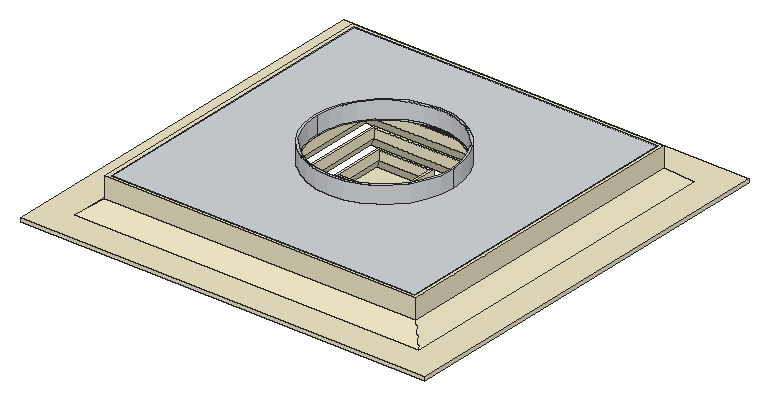
Revit family "Square Diffuser-Round Neck-Supply", category Air Terminals, Revit 2013
Parameters (values of type "600x600-Square Diffuser-Round Neck-Supply")
  UpFlowArrow [instance] = yes
  Title 1 = ""
  Spigot Radius [instance] = Spigot Diameter / 2  # 100 mm
  Spigot Outside Radius [instance] = Spigot Radius + 3.0 mm  # 103 mm
  Spigot Diameter [instance] = if(Air Flow < 31.0 L/s, 100.0 mm, if(Air Flow < 71.0 L/s, 150.0 mm, if(Air Flow < 121.0 L/s, 200.0 mm, if(Air Flow < 201.0 L/s, 250.0 mm, 300.0 mm))))  # 200 mm
  Pressure Drop [instance] = 14.0 Pa
  RightFlowArrow [instance] = yes
  Max Flow = 125.0 L/s
  LeftFlowArrow [instance] = yes
  Flow [instance] = 100.0 L/s
  Diffuser Service [instance] = "SD"
  Diffuser Neck Length = 450 mm
  Diffuser Neck Width = 450 mm
  DownFlowArrow [instance] = yes
  Diffuser Total Length = Diffuser Neck Length + 150.0 mm  # 600.0 mm
  Diffuser Total Width = Diffuser Neck Width + 150.0 mm  # 600.0 mm
  Description = ""
  Assembly Code = ""
  Air Flow [instance] = Flow  # 100.0 L/s
Types (5, lengths in mm): name | Spigot Radius | Spigot Outside Radius | Spigot Diameter | Max Flow | Flow | Diffuser Neck Length | Diffuser Neck Width | Diffuser Total Length | Diffuser Total Width | Air Flow
  600x600-Square Diffuser-Round Neck-Supply | 100 | 103 | 200 | 125.0 L/s | 100.0 L/s | 450 | 450 | 600.0 | 600.0 | 100.0 L/s
  525x525-Square Diffuser-Round Neck-Supply | 75 | 78 | 150 | 70.0 L/s | 70.0 L/s | 375 | 375 | 525.0 | 525.0 | 70.0 L/s
  450x450-Square Diffuser-Round Neck-Supply | 75 | 78 | 150 | 70.0 L/s | 70.0 L/s | 300 | 300 | 450.0 | 450.0 | 70.0 L/s
  300x300-Square Diffuser-Round Neck-Supply | 75 | 78 | 150 | 30.0 L/s | 65.0 L/s | 225 | 225 | 375.0 | 375.0 | 65.0 L/s
  375x375-Square Diffuser-Round Neck-Supply | 100 | 103 | 200 | 120.0 L/s | 120.0 L/s | 225 | 225 | 375.0 | 375.0 | 120.0 L/s
Reference planes
  plane 1 "Center (Front/Back)": y = 0
  plane 2: z = 0
  plane 3 "Center (Left/Right)": x = 0
  plane 4: x = -225
  plane 5: x = 225
  plane 6: x = -230
  plane 7: x = 230
  plane 8: y = 225
  plane 9: y = -225
  plane 10: y = 230
  plane 11: y = -230
  plane 12: z = -5
  plane 13: x = -255
  plane 14: x = -300
  plane 15: x = 255
  plane 16: x = 300
  plane 17: z = 20
  plane 18: z = 50
  plane 19: y = 350
  plane 20: x = 350
  plane 21: y = -350
  plane 22: x = -350
Forms (mm)
  Sweep 1, solid, material "Grille"
    path origin (0, 0, 0) x (1, 0, 0) y (0, 1, 0)
      loop
        line (-230, -230) -> (230, -230) -> (230, 230) -> (-230, 230) -> (-230, -230)
    profile origin (-230, 0, 0) x (-1, 0, 0) y (0, 0, 1)
      loop
        line (70, -5) -> (70, 0) -> (25, 0) -> (0, 20) -> (0, 50) -> (-5, 50) -> (-5, 17.597) -> (23.246, -5) -> (70, -5)
  Sweep 2, solid, material "Grille"
    path origin (0, 0, 0) x (1, 0, 0) y (0, 1, 0)
      loop
        line (-212.5, -212.5) -> (212.5, -212.5) -> (212.5, 212.5) -> (-212.5, 212.5) -> (-212.5, -212.5)
    profile "Sq Diff Fins : Sq Diff Fins" origin (-212.5, 0, 0) x (-1, 0, 0) y (0, 0, 1)
      loop
        line (0, -5) -> (-22, 20) -> (-22, 35) -> (-25, 35) -> (-25, 20) -> (-3.5, -5) -> (0, -5)
  Sweep 3, solid, material "Grille"
    path origin (0, 0, 0) x (1, 0, 0) y (0, 1, 0)
      loop
        line (-175, -175) -> (175, -175) -> (175, 175) -> (-175, 175) -> (-175, -175)
    profile "Sq Diff Fins : Sq Diff Fins" origin (-175, 0, 0) x (-1, 0, 0) y (0, 0, 1)
      loop
        line (0, -5) -> (-22, 20) -> (-22, 35) -> (-25, 35) -> (-25, 20) -> (-3.5, -5) -> (0, -5)
  Sweep 4, solid, material "Grille"
    path origin (0, 0, 0) x (1, 0, 0) y (0, 1, 0)
      loop
        line (-137.5, -137.5) -> (137.5, -137.5) -> (137.5, 137.5) -> (-137.5, 137.5) -> (-137.5, -137.5)
    profile "Sq Diff Fins : Sq Diff Fins" origin (-137.5, 0, 0) x (-1, 0, 0) y (0, 0, 1)
      loop
        line (0, -5) -> (-22, 20) -> (-22, 35) -> (-25, 35) -> (-25, 20) -> (-3.5, -5) -> (0, -5)
  Sweep 5, solid, material "Grille"
    path origin (0, 0, 0) x (1, 0, 0) y (0, 1, 0)
      loop
        line (-100, -100) -> (100, -100) -> (100, 100) -> (-100, 100) -> (-100, -100)
    profile "Sq Diff Fins : Sq Diff Fins" origin (-100, 0, 0) x (-1, 0, 0) y (0, 0, 1)
      loop
        line (0, -5) -> (-22, 20) -> (-22, 35) -> (-25, 35) -> (-25, 20) -> (-3.5, -5) -> (0, -5)
  Sweep 6, solid, material "Grille"
    path origin (0, 0, 0) x (1, 0, 0) y (0, 1, 0)
      loop
        line (-62.5, -62.5) -> (62.5, -62.5) -> (62.5, 62.5) -> (-62.5, 62.5) -> (-62.5, -62.5)
    profile "Sq Diff Fins : Sq Diff Fins" origin (-62.5, 0, 0) x (-1, 0, 0) y (0, 0, 1)
      loop
        line (0, -5) -> (-22, 20) -> (-22, 35) -> (-25, 35) -> (-25, 20) -> (-3.5, -5) -> (0, -5)
  Extrusion 7, solid, material "Grille"
    sketch origin (0, 0, 0) x (1, 0, 0) y (0, 1, 0)
      loop
        line (-62.5, -62.5) -> (62.5, -62.5) -> (62.5, 62.5) -> (-62.5, 62.5) -> (-62.5, -62.5)
    from -5 to -4
  Extrusion 8, solid
    sketch origin (0, 0, 0) x (1, 0, 0) y (0, 1, 0)
      loop
        line (-225, -225) -> (225, -225) -> (225, 225) -> (-225, 225) -> (-225, -225)
    from 50 to 48
  Extrusion 9, solid
    sketch origin (0, 0, 0) x (1, 0, 0) y (0, 1, 0)
      loop
        circle (0, 0) r 100
      loop
        circle (0, 0) r 103
    from 50 to 75
  Extrusion 10, void
    sketch origin (0, 0, 0) x (1, 0, 0) y (0, 1, 0)
      loop
        circle (0, 0) r 100
    from 50 to 47
Cuts and joins
  Extrusion 10 cuts Extrusion 8
Lines and regions (mm)
  symbolic lines
    curve 1: line (-300, 300, 0) -> (300, 300, 0)
    curve 2: line (-300, -300, 0) -> (-300, 300, 0)
    curve 3: line (300, -300, 0) -> (-300, -300, 0)
    curve 4: line (300, 300, 0) -> (300, -300, 0)
    curve 5: line (300, 300, 0) -> (-300, -300, 0)
    curve 6: line (-300, 300, 0) -> (300, -300, 0)
Dimensions and locks
  equal spacing: plane 5, plane 3 "Center (Left/Right)", plane 4
  "Diffuser Neck Length": plane 5 to plane 4
  locked: plane 6 to plane 4 at 5
  locked: plane 7 to plane 5 at 5
  equal spacing: plane 8, plane 1 "Center (Front/Back)", plane 9
  "Diffuser Neck Width": plane 8 to plane 9
  locked: plane 9 to plane 11 at 5
  locked: plane 10 to plane 8 at 5
  locked: level to plane 12 at 5
  locked: plane 4 to plane 13 at 30
  locked: plane 13 to plane 14 at 45
  locked: plane 15 to plane 5 at 30
  locked: plane 16 to plane 15 at 45
  locked: plane 17 to level at 20
  locked: plane 18 to plane 17 at 30
  plane 5 to plane 20 = 125.0 mm
  plane 22 to plane 4 = 125.0 mm
  plane 19 to plane 8 = 125.0 mm
  plane 9 to plane 21 = 125.0 mm
  "Spigot Radius": radius of Extrusion 9 sketch curve
  "Spigot Outside Radius": radius of Extrusion 9 sketch curve
  "Spigot Radius": radius of Extrusion 10 sketch curve
  aligned and locked: plane 20 to nested 1
  aligned and locked: nested 3 to plane 22
  aligned and locked: plane 19 to nested 2
  aligned and locked: nested 4 to plane 21
Automatic sketch dimensions
  Sweep 1 sketch curve to plane 10 = 0.0 mm
  Sweep 1 sketch curve to plane 6 = 0.0 mm
  Sweep 1 sketch curve to plane 7 = 0.0 mm
  Sweep 1 sketch curve to plane 11 = 0.0 mm
  Sweep 1 sketch curve to profile plane = 0.0 mm
  Sweep 1 sketch curve to level = 0.0 mm
  Sweep 1 sketch curve to Sweep 1 sketch curve = 5.0 mm
  Sweep 1 sketch curve to profile plane = 25.0 mm
  Sweep 1 sketch curve to Sweep 1 sketch curve = 45.0 mm
  Sweep 1 sketch curve to level = 5.0 mm
  Sweep 1 sketch curve to Sweep 1 sketch curve = 1.754 mm
  level to Sweep 1 sketch curve = 20.0 mm
  Sweep 1 sketch curve to Sweep 1 sketch curve = 30.0 mm
  Sweep 1 sketch curve to Sweep 1 sketch curve = 2.403 mm
  Sweep 2 sketch curve to plane 8 = 12.5 mm
  plane 4 to Sweep 2 sketch curve = 12.5 mm
  plane 9 to Sweep 2 sketch curve = 12.5 mm
  Sweep 2 sketch curve to plane 5 = 12.5 mm
  plane 4 to Sweep 3 sketch curve = 50.0 mm
  Sweep 3 sketch curve to plane 8 = 50.0 mm
  Sweep 3 sketch curve to plane 5 = 50.0 mm
  plane 9 to Sweep 3 sketch curve = 50.0 mm
  plane 4 to Sweep 4 sketch curve = 87.5 mm
  Sweep 4 sketch curve to plane 8 = 87.5 mm
  Sweep 4 sketch curve to plane 5 = 87.5 mm
  plane 9 to Sweep 4 sketch curve = 87.5 mm
  Sweep 5 sketch curve to plane 3 "Center (Left/Right)" = 100.0 mm
  Sweep 5 sketch curve to plane 1 "Center (Front/Back)" = 100.0 mm
  plane 3 "Center (Left/Right)" to Sweep 5 sketch curve = 100.0 mm
  plane 1 "Center (Front/Back)" to Sweep 5 sketch curve = 100.0 mm
  Sweep 6 sketch curve to plane 3 "Center (Left/Right)" = 62.5 mm
  Sweep 6 sketch curve to plane 1 "Center (Front/Back)" = 62.5 mm
  plane 3 "Center (Left/Right)" to Sweep 6 sketch curve = 62.5 mm
  plane 1 "Center (Front/Back)" to Sweep 6 sketch curve = 62.5 mm
  Extrusion 7 sketch curve to plane 3 "Center (Left/Right)" = 62.5 mm
  plane 1 "Center (Front/Back)" to Extrusion 7 sketch curve = 62.5 mm
  plane 3 "Center (Left/Right)" to Extrusion 7 sketch curve = 62.5 mm
  Extrusion 7 sketch curve to plane 1 "Center (Front/Back)" = 62.5 mm
  Extrusion 8 sketch curve to plane 4 = 0.0 mm
  Extrusion 8 sketch curve to plane 5 = 0.0 mm
  Extrusion 8 sketch curve to plane 9 = 0.0 mm
  Extrusion 8 sketch curve to plane 8 = 0.0 mm
  curve 1 to plane 14 = 0.0 mm
  plane 21 to curve 3 = 50.0 mm
  curve 6 to plane 16 = 0.0 mm
  curve 4 to plane 19 = 50.0 mm
  Extrusion 9 sketch curve to Extrusion 9 sketch curve = 0.0 mm  (x2)
  Extrusion 9 sketch curve to plane 1 "Center (Front/Back)" = 0.0 mm
  Extrusion 9 sketch curve to plane 3 "Center (Left/Right)" = 0.0 mm
  Extrusion 10 sketch curve to plane 1 "Center (Front/Back)" = 0.0 mm
  Extrusion 10 sketch curve to plane 3 "Center (Left/Right)" = 0.0 mm
Nested families
  nested 1: "SDIFF-ARR" at (350, 0, 0), visible <- "RightFlowArrow", type "Suppy Diffuser Arrow"
  nested 2: "SDIFF-ARR" at (0, 350, 0) x (0, 1, 0) z (0, 0, 1), visible <- "UpFlowArrow", type "Suppy Diffuser Arrow"
  nested 3: "SDIFF-ARR" at (-350, 0, 0) x (-1, 0, 0) z (0, 0, 1), visible <- "LeftFlowArrow", type "Suppy Diffuser Arrow"
  nested 4: "SDIFF-ARR" at (0, -350, 0) x (0, -1, 0) z (0, 0, 1), visible <- "DownFlowArrow", type "Suppy Diffuser Arrow"
Connectors
  hvac at (0, 0, 75), driven by "Spigot Radius"
    settings: on Extrusion 9, index 1, duct flow 0.0 L/s, flow factor 0, pres drop 0.0 Pa, loss coef 0, conn angle 0.00°, conn width 304.8 mm, conn height 304.8 mm, conn radius 100 mm, duct sys type 1, conn prof type 0, flow config 0, flow direction 0, loss method 0, conn ref index -1, conn util no, is conn primary yes, conn desc ""
Definition of nested family "SDIFF-ARR"
  Parameters (values of type "Suppy Diffuser Arrow")
    Width = (Length / 2) / cos(15.00°)  # 310.583 mm
    Length = 600 mm
  Reference planes
    plane 1 "Center (Front/Back)": y = 0
    plane 2: z = 0
    plane 3 "Center (Left/Right)": x = 0
  Lines and regions (mm)
    Filled region 1, type "Solid Fill - Black", in view "Ref. Level"
      outline origin (0, 0, 0) x (1, 0, 0) y (0, 1, 0)
        loop
          line (0, -8.001) -> (100, -8.001) -> (100, -40.402) -> (200, 0) -> (100, 40.402) -> (100, 8) -> (0, 8) -> (0, -8.001)
    detail lines, in view "Ref. Level"
      curve 1: line (0, -8.001, 0) -> (0, 8, 0)
      curve 2: line (0, 8, 0) -> (100, 8, 0)
      curve 3: line (100, 8, 0) -> (100, 40.402, 0)
      curve 4: line (100, 40.402, 0) -> (200, 0, 0)
      curve 5: line (200, 0, 0) -> (100, -40.402, 0)
      curve 6: line (100, -40.402, 0) -> (100, -8.001, 0)
      curve 7: line (0, -8.001, 0) -> (100, -8.001, 0)
